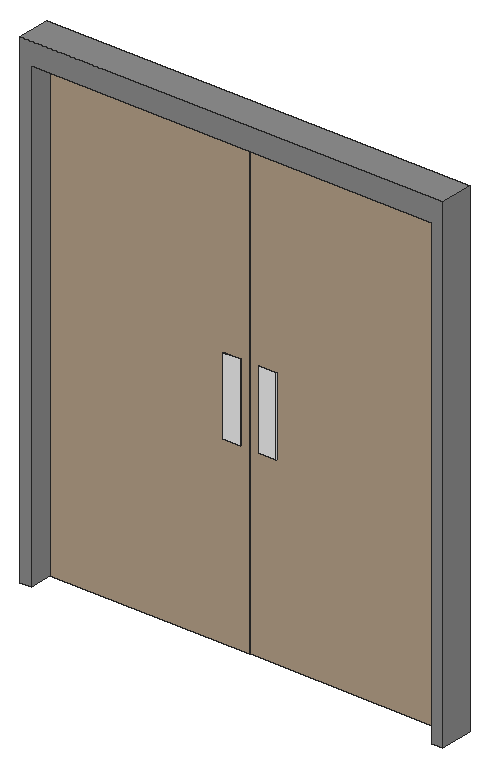
Revit family "M_Porta-Passagem-Dupla-Nivelada-Dupla-Agindo", category Portas, Revit 2019
Family settings
  Hospedeiro = Parede
  Número OmniClass = 23.30.10.00
  Título OmniClass = Doors
  Sempre na vertical = Sim
  Corte com vazios quando carregada = Não
  Compartilhado = Não
  Ponto de cálculo do ambiente = Não
Parameters
  W = Width / 2  # 900 mm
  Visual Light Transmittance = 0
  Espessura = 45 mm
  Resistência térmica (R) = 0.270118 (m²·K)/W
  Ângulo de abertura [instance] = 90.00°
  Altura do traçado = 1000 mm
  Solar Heat Gain Coefficient = 0
  Largura do painel único = Width / 2  # 900 mm
  Rough Width [instance] = Width + Largura da abertura MF  # 1900 mm
  Rough Height [instance] = Height + Altura da abertura MF  # 2200 mm
  Material do painel = Metal - Acabamento de pintura - Malhado
  Moldura de alvenaria [instance] = yes
  Altura da abertura MF [instance] = if(Moldura de alvenaria, 100 mm, 30 mm)  # 100 mm
  Largura da abertura MF [instance] = if(Moldura de alvenaria, 100 mm, 60 mm)  # 100 mm
  Calcular inserção [instance] = if(Moldura de alvenaria, Inserção de alvenaria + 80 mm, 80 mm)  # 105 mm
  Inserção de alvenaria [instance] = 25 mm
  Height = 2100 mm
  Fechamento da parede = Por hospedeiro
  Width = 1800 mm
  Coeficiente de transferência de calor (U) = 3.70223 W/(m²·K)
  Função = Exterior
  Material da moldura = Metal - Acabamento de pintura - Cinza
  Profundidade da moldura de alvenaria = 150 mm
  Moldura de Dry Wall [instance] = not(Moldura de alvenaria)  # no
  Material da maçaneta = Alumín. 1
  Código de montagem = "B2030200"
  Construção analítica = "Metal"
Reference planes
  plane 1 "Centro (Frente/Trás)": y = 0
  plane 2 "Centro (Esquerda/Direita)": x = 0
  plane 3 "Esquerda": x = -950
  plane 4 "Direita": x = 950
  plane 5 "Superior": z = 2200
  plane 6 "Exterior": y = 107.95
  plane 7 "Interior": y = -95.25
  plane 8 "Painel direito da porta": x = -900
  plane 9 "Painel esquerdo da porta": x = 900
  plane 10 "Topo do painel": z = 2100
  plane 11: z = 0
  plane 12: z = 0
  plane 13: y = 37.95
  plane 14: z = 1000
  plane 15: y = 82.95
  plane 16: y = -67.05
  plane 17: y = 33.187
  plane 18: x = -884.125
  plane 19: y = -17.838
  plane 20: z = 2149.2
  plane 21: y = 187.95
  plane 22: z = 2150
  plane 23: x = 920.05
  plane 24: x = 969.05
  plane 25: y = 120.65
  plane 26: y = -107.95
  plane 27: x = 904.175
  plane 28: y = 33.187
  plane 29: y = -4.913
Forms (mm)
  Extrusion 1, solid, material "Metal - Acabamento de pintura - Malhado" <- "Material do painel"
    sketch origin (0, 0, 0) x (1, 0, 0) y (0, 0, 1)
      loop
        line (900, 2100) -> (1.587, 2100) -> (1.587, 0) -> (900, 0) -> (900, 2100)
      loop
        line (-900, 0) -> (-1.588, 0) -> (-1.588, 2100) -> (-900, 2100) -> (-900, 0)
    from -82.95 to -37.95
  Sweep 2, solid, material "Metal - Acabamento de pintura - Cinza" <- "Material da moldura", visible <- "Moldura de alvenaria"
    path origin (0, 107.95, 0) x (1, 0, 0) y (0, 0, 1)
      loop
        line (950, 0) -> (950, 2150) -> (-950, 2150) -> (-950, 0)
    profile origin (-950, 107.95, 1075) x (0, -1, 0) y (1, 0, 0)
      loop
        line (25, 50) -> (25, 0) -> (175, 0) -> (175, 50) -> (25, 50)
  Extrusion 3, solid, material "Metal - Acabamento de pintura - Cinza" <- "Material da moldura", visible <- "Moldura de alvenaria"
    sketch origin (0, 0, 0) x (0, 1, 0) y (0, 0, 1)
      loop
        line (82.95, 2200) -> (-67.05, 2200) -> (-67.05, 2149.2) -> (82.95, 2149.2) -> (82.95, 2200)
    from -950 to 950
  Sweep 4, solid, material "Metal - Acabamento de pintura - Cinza" <- "Material da moldura", visible <- "Moldura de Dry Wall"
    path origin (0, 107.95, 0) x (1, 0, 0) y (0, 0, 1)
      loop
        line (950, 0) -> (950, 2200) -> (-950, 2200) -> (-950, 0)
    profile origin (950, 107.95, 1100) x (-1, 0, 0) y (0, -1, 0)
      loop
        line (-19.05, -12.7) -> (29.95, -12.7) -> (29.95, 74.762) -> (45.825, 74.762) -> (45.825, 112.862) -> (29.95, 112.862) -> (29.95, 215.9) -> (-19.05, 215.9) -> (-19.05, 203.2) -> (0, 203.2) -> (0, 0) -> (-19.05, 0) -> (-19.05, -12.7)
Cuts and joins
  joined: Sweep 2, Extrusion 3
Lines and regions (mm)
  Opening 1
    outline origin (-2286, -95.25, 0) x (1, 0, 0) y (0, 0, 1)
      loop
        line (1336, 0) -> (3236, 0) -> (3236, 2200) -> (1336, 2200) -> (1336, 0)
  Masking region 1, visible <- "Moldura de alvenaria", detail levels coarse+medium
    outline origin (0, 0, 0) x (1, 0, 0) y (0, 1, 0)
      loop
        line (-950, 82.95) -> (-950, -67.05) -> (-900, -67.05) -> (-900, 82.95) -> (-950, 82.95)
      loop
        line (950, 82.95) -> (900, 82.95) -> (900, -67.05) -> (950, -67.05) -> (950, 82.95)
  Masking region 2, visible <- "Moldura de alvenaria", detail levels fine
    outline origin (0, 0, 0) x (1, 0, 0) y (0, 1, 0)
      loop
        line (-950, 82.95) -> (-950, -67.05) -> (-900, -67.05) -> (-900, 82.95) -> (-950, 82.95)
      loop
        line (950, 82.95) -> (900, 82.95) -> (900, -67.05) -> (950, -67.05) -> (950, 82.95)
  Masking region 3, visible <- "Moldura de Dry Wall", detail levels coarse+medium
    outline origin (0, 0, 0) x (1, 0, 0) y (0, 1, 0)
      loop
        line (920.05, -95.25) -> (950, -95.25) -> (950, 107.95) -> (920.05, 107.95) -> (920.05, -95.25)
      loop
        line (-950, 107.95) -> (-950, -95.25) -> (-920.05, -95.25) -> (-920.05, 107.95) -> (-950, 107.95)
  Masking region 4, visible <- "Moldura de Dry Wall", detail levels fine
    outline origin (0, 0, 0) x (1, 0, 0) y (0, 1, 0)
      loop
        line (-969.05, 120.65) -> (-969.05, 107.95) -> (-950, 107.95) -> (-950, -95.25) -> (-969.05, -95.25) -> (-969.05, -107.95) -> (-920.05, -107.95) -> (-920.05, -4.913) -> (-904.175, -4.913) -> (-904.175, 33.187) -> (-920.05, 33.187) -> (-920.05, 120.65) -> (-969.05, 120.65)
      loop
        line (969.05, 107.95) -> (969.05, 120.65) -> (920.05, 120.65) -> (920.05, 33.187) -> (904.175, 33.187) -> (904.175, -4.913) -> (920.05, -4.913) -> (920.05, -107.95) -> (969.05, -107.95) -> (969.05, -95.25) -> (950, -95.25) -> (950, 107.95) -> (969.05, 107.95)
Text (mm)
  text "Exterior" at (-1904.17, 693.701, 0), in view "Nível de referência"
  text "Interior" at (-1904.17, -638.649, 0), in view "Nível de referência"
  text "Exterior" at (0, 1019.848, 3124.603), in view "Direita"
  text "Interior" at (0, -1635.541, 3124.603), in view "Direita"
  text "Interior" at (0, -787.806, 3124.376), in view "Esquerda"
  text "Exterior" at (0, 1386.095, 3124.376), in view "Esquerda"
Dimensions and locks
  equal spacing: plane 3 "Esquerda", plane 2 "Centro (Esquerda/Direita)", plane 4 "Direita"
  "Rough Height": level to plane 5 "Superior"
  equal spacing: plane 8 "Painel direito da porta", plane 2 "Centro (Esquerda/Direita)", plane 9 "Painel esquerdo da porta"
  "Width": plane 8 "Painel direito da porta" to plane 9 "Painel esquerdo da porta"
  "Height": level to plane 10 "Topo do painel"
  plane 11 to plane 12 = 0 mm
  "Rough Width": plane 3 "Esquerda" to plane 4 "Direita"
  "Espessura": plane 15 to plane 13
  "Profundidade da moldura de alvenaria": plane 15 to plane 16
  locked: plane 13 to plane 17 at 4.763
  locked: plane 16 to plane 19 at 49.213
  locked: plane 8 "Painel direito da porta" to plane 18 at 15.875
  locked: plane 20 to plane 5 "Superior" at 50.8
  locked: plane 6 "Exterior" to plane 21 at 80
  "Calcular inserção": plane 21 to plane 15
  locked: plane 10 "Topo do painel" to plane 22 at 50
  locked: plane 4 "Direita" to plane 24 at 19.05
  locked: plane 6 "Exterior" to plane 25 at 12.7
  locked: plane 26 to plane 7 "Interior" at 12.7
  locked: plane 23 to plane 24 at 49
  plane 13 to plane 28 to plane 29 = 4.762 mm locked, 38.1 mm locked
  locked: plane 27 to plane 23 at 15.875
  "Altura do traçado": plane 11 to plane 14
  locked: Extrusion 1 sketch curve to plane 2 "Centro (Esquerda/Direita)" at 1.588
  locked: plane 2 "Centro (Esquerda/Direita)" to Extrusion 1 sketch curve at 1.587
  aligned and locked: plane 3 "Esquerda" to Opening 1 sketch curve
  aligned and locked: plane 5 "Superior" to Opening 1 sketch curve  (x2)
  aligned and locked: Opening 1 sketch curve to plane 4 "Direita"
  aligned and locked: Opening 1 sketch curve to level
  aligned and locked: plane 6 "Exterior" to host wall
  aligned and locked: plane 7 "Interior" to host wall
  aligned and locked: plane 11 to level
  aligned and locked: Extrusion 1 sketch curve to plane 10 "Topo do painel"
  aligned and locked: Extrusion 1 sketch curve to plane 8 "Painel direito da porta"
  aligned and locked: plane 9 "Painel esquerdo da porta" to Extrusion 1 sketch curve
  aligned and locked: Extrusion 1 sketch curve to plane 12
  aligned and locked: Extrusion 1 to plane 13
  aligned and locked: nested 1 to plane 9 "Painel esquerdo da porta"
  aligned and locked: Extrusion 1 to nested 1
  aligned and locked: Sweep 2 sketch curve to plane 3 "Esquerda"  (x2)
  aligned and locked: plane 11 to Sweep 2 sketch curve  (x2)
  aligned and locked: plane 8 "Painel direito da porta" to Sweep 2 sketch curve
  aligned and locked: plane 16 to Sweep 2 sketch curve
  aligned and locked: Sweep 2 sketch curve to plane 15
  aligned and locked: Sweep 2 sketch curve to plane 4 "Direita"
  aligned and locked: plane 5 "Superior" to Extrusion 3 sketch curve
  aligned and locked: Extrusion 3 sketch curve to plane 16
  aligned and locked: Extrusion 3 sketch curve to plane 15
  aligned and locked: plane 20 to Extrusion 3 sketch curve
  aligned and locked: cut or joined group of Sweep 2, Extrusion 3 to plane 4 "Direita"
  aligned and locked: plane 3 "Esquerda" to cut or joined group of Sweep 2, Extrusion 3
  aligned and locked: Masking region 1 sketch curve to plane 15  (x2)
  aligned and locked: plane 8 "Painel direito da porta" to Masking region 1 sketch curve
  aligned and locked: plane 16 to Masking region 1 sketch curve  (x2)
  aligned and locked: Masking region 1 sketch curve to plane 3 "Esquerda"
  aligned and locked: Masking region 1 sketch curve to plane 4 "Direita"
  aligned and locked: plane 9 "Painel esquerdo da porta" to Masking region 1 sketch curve
  aligned and locked: Masking region 2 sketch curve to plane 3 "Esquerda"
  aligned and locked: plane 16 to Masking region 2 sketch curve  (x2)
  aligned and locked: Masking region 2 sketch curve to plane 15  (x2)
  aligned and locked: plane 8 "Painel direito da porta" to Masking region 2 sketch curve
  aligned and locked: Masking region 2 sketch curve to plane 4 "Direita"
  aligned and locked: plane 9 "Painel esquerdo da porta" to Masking region 2 sketch curve
  aligned and locked: Sweep 2 sketch curve to plane 22
  aligned and locked: plane 4 "Direita" to Sweep 4 sketch curve
  aligned and locked: Sweep 4 sketch curve to plane 3 "Esquerda"
  aligned and locked: plane 24 to Sweep 4 sketch curve  (x2)
  aligned and locked: Sweep 4 sketch curve to plane 7 "Interior"
  aligned and locked: plane 26 to Sweep 4 sketch curve
  aligned and locked: Sweep 4 sketch curve to plane 23  (x2)
  aligned and locked: plane 29 to Sweep 4 sketch curve
  aligned and locked: plane 27 to Sweep 4 sketch curve
  aligned and locked: Sweep 4 sketch curve to plane 28
  aligned and locked: Sweep 4 sketch curve to plane 25
  aligned and locked: plane 6 "Exterior" to Sweep 4 sketch curve
  aligned and locked: Sweep 4 sketch curve to plane 4 "Direita"
  aligned and locked: plane 5 "Superior" to Sweep 4 sketch curve
  aligned and locked: Masking region 3 sketch curve to plane 6 "Exterior"
  aligned and locked: plane 7 "Interior" to Masking region 3 sketch curve
  aligned and locked: Masking region 3 sketch curve to plane 4 "Direita"
  aligned and locked: Masking region 3 sketch curve to Sweep 4  (x2)
  aligned and locked: plane 6 "Exterior" to Masking region 3 sketch curve
  aligned and locked: Masking region 3 sketch curve to plane 3 "Esquerda"
  aligned and locked: Masking region 3 sketch curve to plane 7 "Interior"
  aligned and locked: Masking region 4 sketch curve to plane 3 "Esquerda"
  aligned and locked: Masking region 4 sketch curve to Sweep 4  (x13)
  aligned and locked: Masking region 4 sketch curve to plane 6 "Exterior"
  aligned and locked: plane 7 "Interior" to Masking region 4 sketch curve
  aligned and locked: Masking region 4 sketch curve to plane 4 "Direita"
  aligned and locked: Masking region 4 sketch curve to plane 7 "Interior"
  aligned and locked: Sweep 4 to Masking region 4 sketch curve  (x5)
  aligned and locked: plane 6 "Exterior" to Masking region 4 sketch curve
  aligned and locked: plane 11 to Sweep 4 sketch curve  (x2)
  aligned and locked: plane 2 "Centro (Esquerda/Direita)" to nested 2
  aligned and locked: nested 3 to plane 2 "Centro (Esquerda/Direita)"
  aligned and locked: plane 2 "Centro (Esquerda/Direita)" to nested 4
  aligned and locked: nested 5 to plane 2 "Centro (Esquerda/Direita)"
  aligned and locked: plane 12 to Extrusion 1 sketch curve
  aligned and locked: nested 6 to plane 8 "Painel direito da porta"
  aligned and locked: plane 15 to nested 6
  aligned and locked: plane 8 "Painel direito da porta" to nested 7
  aligned and locked: plane 13 to nested 7
  aligned and locked: plane 9 "Painel esquerdo da porta" to nested 8
  aligned and locked: nested 8 to plane 13
  aligned and locked: plane 14 to nested 4
  aligned and locked: nested 2 to plane 14
  aligned and locked: plane 14 to nested 3
  aligned and locked: nested 5 to plane 14
  aligned and locked: plane 15 to nested 4
  aligned and locked: plane 13 to nested 5
  aligned and locked: nested 2 to plane 15
  aligned and locked: nested 3 to plane 13
Automatic sketch dimensions
  Extrusion 1 sketch curve to plane 10 "Topo do painel" = 0 mm
Nested families
  nested 1: "Porta com abertura única" at (900, 82.95, 0), Ângulo de abertura <- "Ângulo de abertura", type "Único"
    with Abertura visível yes, Ângulo de abertura 90.00°, Ângulo real 90.00°
  nested 2: "M_Placa de empuxe" at (-147.5, 82.95, 1000), type "80 x 350mm", detail levels fine
  nested 3: "M_Placa de empuxe" at (-147.5, 37.95, 1000), type "80 x 350mm", detail levels fine
  nested 4: "M_Placa de empuxe" at (147.5, 82.95, 1000) x (-1, 0, 0) z (0, 0, 1), type "80 x 350mm", detail levels fine
  nested 5: "M_Placa de empuxe" at (147.5, 37.95, 1000) x (-1, 0, 0) z (0, 0, 1), type "80 x 350mm", detail levels fine
  nested 6: "Porta com abertura única" at (-900, 82.95, 0) x (-1, 0, 0) z (0, 0, 1), Ângulo de abertura <- "Ângulo de abertura", type "Único"
    with Abertura visível yes, Ângulo de abertura 90.00°, Ângulo real 90.00°
  nested 7: "Abertura da porta-única-oposta" at (-900, 37.95, 0) x (-1, 0, 0) z (0, 0, 1), Ângulo de abertura <- "Ângulo de abertura", type "Único"
    with Abertura visível yes, Ângulo de abertura 90.00°, Ângulo real 90.00°
  nested 8: "Abertura da porta-única-oposta" at (900, 37.95, 0), Ângulo de abertura <- "Ângulo de abertura", type "Único"
    with Abertura visível yes, Ângulo de abertura 90.00°, Ângulo real 90.00°
Definition of nested family "M_Placa de empuxe"
  Parameters (values of type "80 x 350mm")
    Width = 80 mm
    Material = none
    Height = 350 mm
    Distância Z da maçaneta = 0 mm
    Distância X da maçaneta = 80 mm
    Assembly Code = ""
    Analytic Construction = "<Nenhum>"
  Reference planes
    plane 1 "Centro (Frente/Trás)": y = 0
    plane 2: z = 0
    plane 3 "Centro (Esquerda/Direita)": x = 147.5
    plane 4: z = 0
    plane 5 "Maçaneta C/L": x = 227.5
  Forms (mm)
    Extrusion 1, solid, material <- "Material"
      sketch origin (300, 0, 0) x (1, 0, 0) y (0, 0, -1)
        loop
          line (-112.5, -175) -> (-32.5, -175) -> (-32.5, 175) -> (-112.5, 175) -> (-112.5, -175)
      from 0 to 3.175
  Dimensions and locks
    "Distância Z da maçaneta": plane 4 to level
    "Width": Extrusion 1 sketch curve to Extrusion 1 sketch curve
    equal spacing: Extrusion 1 sketch curve, plane 4, Extrusion 1 sketch curve
    "Distância X da maçaneta": plane 5 "Maçaneta C/L" to plane 3 "Centro (Esquerda/Direita)"
    equal spacing: Extrusion 1 sketch curve, plane 5 "Maçaneta C/L", Extrusion 1 sketch curve
    "Height": Extrusion 1 sketch curve to Extrusion 1 sketch curve
Definition of nested family "Porta com abertura única"
  Parameters (values of type "Único")
    Width = 900 mm
    Thickness = 45 mm
    Abertura visível [instance] = Ângulo de abertura > 1.00°  # yes
    Ângulo de abertura [instance] = 45.00°
    Assembly Code = ""
    Analytic Construction = "<Nenhum>"
    Ângulo real [instance] = if(Ângulo de abertura < 1.00°, 1.00°, Ângulo de abertura)  # 45.00°
  Reference planes
    plane 1 "Centro (Frente/Trás)": y = 0
    plane 2: z = 0
    plane 3 "Centro (Esquerda/Direita)": x = 0
    plane 4: x = -900
  Lines and regions (mm)
    Masking region 1
      outline origin (0, 0, 0) x (-0.707107, 0.707107, 0) y (-0.707107, -0.707107, 0)
        loop
          line (0, 0) -> (900, 0) -> (900, 45) -> (0, 45) -> (0, 0)
    symbolic lines
      curve 1: line (0, 0, 0) -> (-900, 0, 0)
    symbolic lines, visible <- "Abertura visível"
      curve 2: arc (-900, 0, 0) -> (-831.492, 344.415, 0) -> (-636.396, 636.396, 0) r 900
    reference lines
      curve 3: line (0, 0, 0) -> (-636.396, 636.396, 0)
    model lines
      curve 4: line (0, 0, 0) -> (0, 0, 25.4)
  Dimensions and locks
    "Width": plane 4 to plane 3 "Centro (Esquerda/Direita)"
    locked: curve 2 to plane 3 "Centro (Esquerda/Direita)"
    locked: curve 2 to plane 1 "Centro (Frente/Trás)"
    "Width": curve 3 to curve 3
    "Thickness": Masking region 1 sketch curve to Masking region 1 sketch curve
    locked: curve 4 to plane 2 at 25.4
    "Width": radius of curve 2
    "Ângulo real": angle curve 2 to curve 2
    "Ângulo de abertura": angle curve 3 to plane 1 "Centro (Frente/Trás)"
    aligned and locked: curve 1 to plane 1 "Centro (Frente/Trás)"
    aligned and locked: plane 3 "Centro (Esquerda/Direita)" to curve 1
    aligned and locked: plane 3 "Centro (Esquerda/Direita)" to curve 3
    aligned and locked: plane 1 "Centro (Frente/Trás)" to curve 3
    aligned and locked: curve 3 to Masking region 1 sketch curve
    aligned and locked: Masking region 1 sketch curve to curve 3  (x2)
    aligned and locked: plane 3 "Centro (Esquerda/Direita)" to curve 4
    aligned and locked: plane 2 to curve 4
Definition of nested family "Abertura da porta-única-oposta"
  Parameters (values of type "Único")
    Width = 900 mm
    Thickness = 45 mm
    Abertura visível [instance] = Ângulo de abertura > 1.00°  # yes
    Ângulo de abertura [instance] = 45.00°
    Assembly Code = ""
    Analytic Construction = "<Nenhum>"
    Ângulo real [instance] = if(Ângulo de abertura < 1.00°, 1.00°, Ângulo de abertura)  # 45.00°
  Reference planes
    plane 1 "Centro (Frente/Trás)": y = 0
    plane 2: z = 0
    plane 3 "Centro (Esquerda/Direita)": x = 0
    plane 4: x = -900
  Lines and regions (mm)
    symbolic lines
      curve 1: line (0, 0, 0) -> (-900, 0, 0)
      curve 5: line (0, 0, 0) -> (-636.396, 636.396, 0)
      curve 6: line (-636.396, 636.396, 0) -> (-668.216, 604.576, 0)
      curve 7: line (-668.216, 604.576, 0) -> (-31.82, -31.82, 0)
      curve 8: line (-31.82, -31.82, 0) -> (0, 0, 0)
    symbolic lines, visible <- "Abertura visível"
      curve 2: arc (-900, 0, 0) -> (-831.492, 344.415, 0) -> (-636.396, 636.396, 0) r 900
    reference lines
      curve 3: line (0, 0, 0) -> (-636.396, 636.396, 0)
    model lines
      curve 4: line (0, 0, 0) -> (0, 0, 25.4)
  Dimensions and locks
    "Width": plane 4 to plane 3 "Centro (Esquerda/Direita)"
    locked: curve 2 to plane 3 "Centro (Esquerda/Direita)"
    locked: curve 2 to plane 1 "Centro (Frente/Trás)"
    "Width": curve 3 to curve 3
    locked: curve 4 to plane 2 at 25.4
    "Thickness": curve 3 to curve 7
    "Width": radius of curve 2
    "Ângulo real": angle curve 2 to curve 2
    "Ângulo de abertura": angle curve 3 to plane 1 "Centro (Frente/Trás)"
    aligned and locked: curve 1 to plane 1 "Centro (Frente/Trás)"
    aligned and locked: plane 3 "Centro (Esquerda/Direita)" to curve 1
    aligned and locked: plane 3 "Centro (Esquerda/Direita)" to curve 3
    aligned and locked: plane 1 "Centro (Frente/Trás)" to curve 3
    aligned and locked: plane 3 "Centro (Esquerda/Direita)" to curve 4
    aligned and locked: plane 2 to curve 4
    aligned and locked: curve 5 to curve 2
    aligned and locked: curve 6 to curve 3
    aligned and locked: curve 8 to curve 3
Types in the file's own list only (9): name | W | Transmissão de luz visual | Resistência térmica (R) | Coeficiente de ganho de calor solar | Largura do painel único | Altura | Largura | Coeficiente de transferência de calor (U)
  1700 x 2000mm | 850 mm | 0 | 0.2701 (m²·K)/W | 0 | 850 mm | 2000 mm | 1700 mm | 3.7022 W/(m²·K)
  1700 x 2100mm | 850 mm | 0 | 0.2701 (m²·K)/W | 0 | 850 mm | 2100 mm | 1700 mm | 3.7022 W/(m²·K)
  1800 x 2000mm | 900 mm | 0 | 0.2701 (m²·K)/W | 0 | 900 mm | 2000 mm | 1800 mm | 3.7022 W/(m²·K)
  1800 x 2050mm | 900 mm | 0 | 0.2701 (m²·K)/W | 0 | 900 mm | 2050 mm | 1800 mm | 3.7022 W/(m²·K)
  1800 x 2100mm | 900 mm | 0 | 0.2701 (m²·K)/W | 0 | 900 mm | 2100 mm | 1800 mm | 3.7022 W/(m²·K)
  2100 x 2000mm | 1050 mm | 0 | 0.2701 (m²·K)/W | 0 | 1050 mm | 2000 mm | 2100 mm | 3.7022 W/(m²·K)
  2100 x 2100mm | 1050 mm | 0 | 0.2701 (m²·K)/W | 0 | 1050 mm | 2100 mm | 2100 mm | 3.7022 W/(m²·K)
  2400 x 2000mm | 1200 mm | 0 | 0.2701 (m²·K)/W | 0 | 1200 mm | 2000 mm | 2400 mm | 3.7022 W/(m²·K)
  2400 x 2100mm | 1200 mm | 0 | 0.2701 (m²·K)/W | 0 | 1200 mm | 2100 mm | 2400 mm | 3.7022 W/(m²·K)
